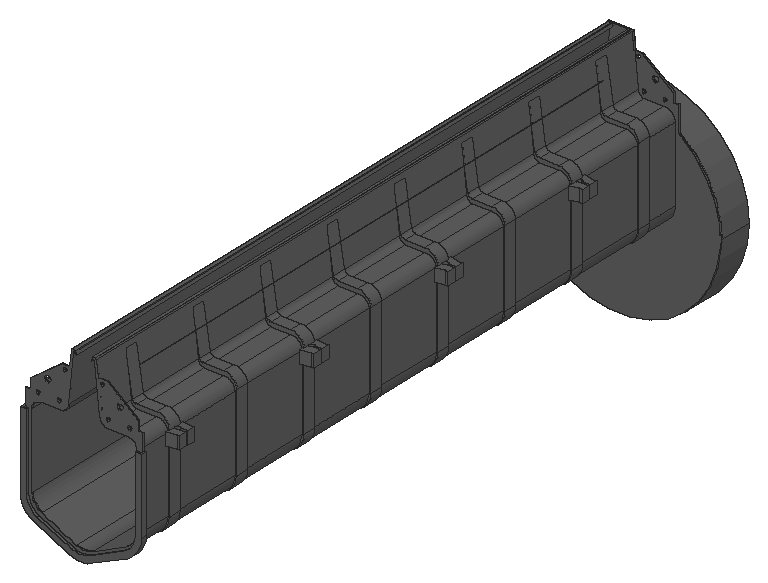
Revit family "Drain_Slotted_Hi-Cap_Zurn-Z888-18", category Plumbing Fixtures, Revit 2022
Family settings
  Round Connector Dimension = Use Radius
  Part Type = Normal
  OmniClass Number = 23.70.50.21.24.14
  OmniClass Title = Deck Waste Water Drains
  Work Plane-Based = No
  Always vertical = Yes
  Cut with Voids When Loaded = No
  Maintain Annotation Orientation = No
  Shared = No
  Room Calculation Point = No
Parameters (values of type "Z888-18 with 24 Inch No-Hub End Outlet(Custom Built)")
  Vent Connection = 1 = 0  # no
  Product Installation Sheet URL = "https://files.zurn.com/care-cleaning-install-warranty-sheets/ft534-(1).pdf"
  Outlet Height = if(Nominal Diameter = 8.000", 17.750", if(Nominal Diameter = 12.000", 15.250", if(Nominal Diameter = 18.000", 15.750", if(Nominal Diameter = 24.000", 18.750", Nominal Diameter))))  # 18.750"
  HW Connection = 1 = 0  # no
  End Plate - 8" & 12" Outlet = no
  End Plate - 18"& 24" Outlet = yes
  End Outlet R for 18' & 24" = if(Nominal Diameter = 18.000", 18.000", if(Nominal Diameter = 24.000", 24.000", 18.000"))  # 24.000"
  CW Connection = 1 = 0  # no
  Waste Connection = 1 = 1  # yes
  WFU = 1  # constant formula
  URL = "www.zurn.com"
  Type Comments = ""
  Product data url = "https://www.bimobject.com/en-us/zurnindustries/product/z888-18"
  Product Page URL = "https://www.zurn.com/products/drainage-interceptors/trench-drain-systems/linear-trench-drain/general-purpose-drainage-exterior/z888-18"
  Product Documentation Link = "https://files.zurn.com/spec-sheets/z888-18.pdf"
  Pipe Size 'A' (Outer Diameter) = 24.000"
  Pipe Size 'A' (Nominal Radius) = Nominal Diameter / 2  # 12.000"
  Nominal Diameter = 24.000"
  Pipe Size 'A' (Inner Radius) = [Pipe Size 'A' (Inner Diameter)] / 2  # 11.315"
  Pipe Size 'A' (Outer Radius) = [Pipe Size 'A' (Outer Diameter)] / 2  # 12.000"
  Pipe Size 'A' (Inner Diameter) = 22.630"
  Modified Date = "02/20/2026"  # constant formula
  Model = "Z888-18"
  Manufacurer Brand = "Zurn"  # constant formula
  Manufacturer = "Zurn Water, LLC"  # constant formula
  Main Material = Polymer - Zurn - LDPE - Black
  HWFU = 0  # constant formula
  Description = "HI-CAP SLOTTED DRAINAGE SYSTEM FOR 18 [457] CORRUGATED PIPE OR EQUIVALENT"  # constant formula
  Default Elevation = 10.000"
  Date Created = "01/17/2023"  # constant formula
  CWFU = 0  # constant formula
  Assembly Code = "D2030300"
Types (4): name | Outlet Height | End Plate - 8" & 12" Outlet | End Plate - 18"& 24" Outlet | End Outlet R for 18' & 24" | Pipe Size 'A' (Outer Diameter) | Pipe Size 'A' (Nominal Radius) | Nominal Diameter | Pipe Size 'A' (Inner Radius) | Pipe Size 'A' (Outer Radius) | Pipe Size 'A' (Inner Diameter)
  Z888-18 with 8 Inch No-Hub End Outlet | 17.750" | yes | no | 18.000" | 8.625" | 4.000" | 8.000" | 3.9905" | 4.3125" | 7.981"
  Z888-18 with 12 Inch No-Hub End Outlet | 15.250" | yes | no | 18.000" | 12.750" | 6.000" | 12.000" | 6.000" | 6.375" | 12.000"
  Z888-18 with 18 Inch No-Hub End Outlet | 15.750" | no | yes | 18.000" | 18.000" | 9.000" | 18.000" | 8.440" | 9.000" | 16.880"
  Z888-18 with 24 Inch No-Hub End Outlet(Custom Built) | 18.750" | no | yes | 24.000" | 24.000" | 12.000" | 24.000" | 11.315" | 12.000" | 22.630"
Reference planes (in)
  plane 1 "Center (Front/Back)": y = 0
  plane 2: z = 0
  plane 3 "Center (Left/Right)": x = 0
  plane 4: x = -6.25
  plane 5: x = 6.25
  plane 6: z = -21
  plane 7: x = 1.5
  plane 8: x = -1.5
  plane 9: x = 0.875
  plane 10: x = -0.875
  plane 11: z = -7
  plane 12: y = 40
  plane 13: y = -40
  plane 14: y = -39.875
  plane 15: y = 39.875
  plane 16: y = -35
  plane 17: y = -34.25
  plane 18: y = -35.75
  plane 19: y = -25
  plane 20: y = -24.25
  plane 21: y = -25.75
  plane 22: y = -15
  plane 23: y = -14.25
  plane 24: y = -15.75
  plane 25: y = -5
  plane 26: y = -4.25
  plane 27: y = -5.75
  plane 28: y = 5
  plane 29: y = 5.75
  plane 30: y = 4.25
  plane 31: y = 15
  plane 32: y = 15.75
  plane 33: y = 14.25
  plane 34: y = 25
  plane 35: y = 25.75
  plane 36: y = 24.25
  plane 37: y = 35
  plane 38: y = 35.75
  plane 39: y = 34.25
  plane 40: z = -7.625
  plane 41: z = -9.125
  plane 42: z = -9.927
  plane 43: y = -40.5
  plane 44: y = 44
  plane 45: z = -18.75
  plane 46: x = -12
  plane 47: x = 12
  plane 48: z = -6.75
  plane 49: z = -30.75
  plane 50: y = 40.125
Forms (in)
  Extrusion 1, solid, material "Polymer - Zurn - LDPE - Black" <- "Main Material", detail levels fine
    sketch origin (0, 0, 0) x (1, 0, 0) y (0, 0, 1)
      loop
        arc (-2.87293, -7) -> (-2.2038, -6.74314) -> (-1.87841, -6.10453) r 1
        line (-1.87841, -6.10453) -> (-1.27484, -0.36193)
        arc (-1.27484, -0.36193) -> (-1.23416, -0.28211) -> (-1.15052, -0.25) r 0.125
        line (-1.15052, -0.25) -> (-1.0835, -0.25)
        arc (-1.0835, -0.25) -> (-1.0153, -0.26987) -> (-0.96843, -0.32325) r 0.127
        line (-0.96843, -0.32325) -> (-0.93092, -0.40355) -> (-0.875, -0.40355) -> (-0.98297, -0.00061) -> (-1.37568, -0.00061)
        arc (-1.37568, -0.00061) -> (-1.45933, -0.03271) -> (-1.5, -0.11254) r 0.125
        line (-1.5, -0.11254) -> (-2.12704, -6.0784)
        arc (-2.12704, -6.0784) -> (-2.37108, -6.55736) -> (-2.87293, -6.75) r 0.75
        line (-2.87293, -6.75) -> (-5.25, -6.75)
        arc (-5.25, -6.75) -> (-6.13388, -7.11612) -> (-6.5, -8) r 1.25
        line (-6.5, -8) -> (-6.5, -16.99062)
        arc (-6.5, -16.99062) -> (-6.15397, -18.18953) -> (-5.22232, -19.01968) r 2.25
        line (-5.22232, -19.01968) -> (-1.08036, -21.00451)
        arc (-1.08036, -21.00451) -> (0, -21.25) -> (1.08036, -21.00451) r 2.5
        line (1.08036, -21.00451) -> (5.22232, -19.01968)
        arc (5.22232, -19.01968) -> (6.15397, -18.18953) -> (6.5, -16.99062) r 2.25
        line (6.5, -16.99062) -> (6.5, -8)
        arc (6.5, -8) -> (6.13388, -7.11612) -> (5.25, -6.75) r 1.25
        line (5.25, -6.75) -> (2.87293, -6.75)
        arc (2.87293, -6.75) -> (2.37108, -6.55736) -> (2.12704, -6.0784) r 0.75
        line (2.12704, -6.0784) -> (1.5, -0.11254)
        arc (1.5, -0.11254) -> (1.45933, -0.03271) -> (1.37568, -0.00061) r 0.125
        line (1.37568, -0.00061) -> (0.98297, -0.00061) -> (0.875, -0.40355) -> (0.93092, -0.40355) -> (0.96843, -0.32325)
        arc (0.96843, -0.32325) -> (1.0153, -0.26987) -> (1.0835, -0.25) r 0.127
        line (1.0835, -0.25) -> (1.15052, -0.25)
        arc (1.15052, -0.25) -> (1.23416, -0.28211) -> (1.27484, -0.36193) r 0.125
        line (1.27484, -0.36193) -> (1.87841, -6.10453)
        arc (1.87841, -6.10453) -> (2.2038, -6.74314) -> (2.87293, -7) r 1
        line (2.87293, -7) -> (5.25, -7)
        arc (5.25, -7) -> (5.95711, -7.29289) -> (6.25, -8) r 1
        line (6.25, -8) -> (6.25, -16.99062)
        arc (6.25, -16.99062) -> (5.94242, -18.05632) -> (5.11429, -18.79423) r 2
        line (5.11429, -18.79423) -> (0.97232, -20.77906)
        arc (0.97232, -20.77906) -> (0, -21) -> (-0.97232, -20.77906) r 2.25
        line (-0.97232, -20.77906) -> (-5.11429, -18.79423)
        arc (-5.11429, -18.79423) -> (-5.94242, -18.05632) -> (-6.25, -16.99062) r 2
        line (-6.25, -16.99062) -> (-6.25, -8)
        arc (-6.25, -8) -> (-5.95711, -7.29289) -> (-5.25, -7) r 1
        line (-5.25, -7) -> (-2.87293, -7)
    from -40 to 40
  Extrusion 2, solid, material "Polymer - Zurn - LDPE - Black" <- "Main Material", detail levels fine
    sketch origin (0, 0, 0) x (1, 0, 0) y (0, 1, 0)
      loop
        line (6.75317, 26.25) -> (6.75317, 23.75) -> (7.81337, 23.9375) -> (8.25, 23.9375) -> (8.25, 24.875) -> (7.37695, 24.875)
        arc (7.37695, 24.875) -> (6.84375, 25) -> (7.37695, 25.125) r 0.28125
        line (7.37695, 25.125) -> (8.25, 25.125) -> (8.25, 26.0625) -> (7.81337, 26.0625) -> (6.75317, 26.25)
      loop
        line (-6.75317, 26.25) -> (-7.81337, 26.0625) -> (-8.25, 26.0625) -> (-8.25, 25.125) -> (-7.37695, 25.125)
        arc (-7.37695, 25.125) -> (-6.84375, 25) -> (-7.37695, 24.875) r 0.28125
        line (-7.37695, 24.875) -> (-8.25, 24.875) -> (-8.25, 23.9375) -> (-7.81337, 23.9375) -> (-6.75317, 23.75) -> (-6.75317, 26.25)
      loop
        line (6.75317, 6.25) -> (6.75317, 3.75) -> (7.81337, 3.9375) -> (8.25, 3.9375) -> (8.25, 4.875) -> (7.37695, 4.875)
        arc (7.37695, 4.875) -> (6.84375, 5) -> (7.37695, 5.125) r 0.28125
        line (7.37695, 5.125) -> (8.25, 5.125) -> (8.25, 6.0625) -> (7.81337, 6.0625) -> (6.75317, 6.25)
      loop
        line (-6.75317, 6.25) -> (-7.81337, 6.0625) -> (-8.25, 6.0625) -> (-8.25, 5.125) -> (-7.37695, 5.125)
        arc (-7.37695, 5.125) -> (-6.84375, 5) -> (-7.37695, 4.875) r 0.28125
        line (-7.37695, 4.875) -> (-8.25, 4.875) -> (-8.25, 3.9375) -> (-7.81337, 3.9375) -> (-6.75317, 3.75) -> (-6.75317, 6.25)
      loop
        line (6.75317, -13.75) -> (6.75317, -16.25) -> (7.81337, -16.0625) -> (8.25, -16.0625) -> (8.25, -15.125) -> (7.37695, -15.125)
        arc (7.37695, -15.125) -> (6.84375, -15) -> (7.37695, -14.875) r 0.28125
        line (7.37695, -14.875) -> (8.25, -14.875) -> (8.25, -13.9375) -> (7.81337, -13.9375) -> (6.75317, -13.75)
      loop
        line (-6.75317, -13.75) -> (-7.81337, -13.9375) -> (-8.25, -13.9375) -> (-8.25, -14.875) -> (-7.37695, -14.875)
        arc (-7.37695, -14.875) -> (-6.84375, -15) -> (-7.37695, -15.125) r 0.28125
        line (-7.37695, -15.125) -> (-8.25, -15.125) -> (-8.25, -16.0625) -> (-7.81337, -16.0625) -> (-6.75317, -16.25) -> (-6.75317, -13.75)
      loop
        line (6.75317, -33.75) -> (6.75317, -36.25) -> (7.81337, -36.0625) -> (8.25, -36.0625) -> (8.25, -35.125) -> (7.37695, -35.125)
        arc (7.37695, -35.125) -> (6.84375, -35) -> (7.37695, -34.875) r 0.28125
        line (7.37695, -34.875) -> (8.25, -34.875) -> (8.25, -33.9375) -> (7.81337, -33.9375) -> (6.75317, -33.75)
      loop
        line (-6.75317, -33.75) -> (-7.81337, -33.9375) -> (-8.25, -33.9375) -> (-8.25, -34.875) -> (-7.37695, -34.875)
        arc (-7.37695, -34.875) -> (-6.84375, -35) -> (-7.37695, -35.125) r 0.28125
        line (-7.37695, -35.125) -> (-8.25, -35.125) -> (-8.25, -36.0625) -> (-7.81337, -36.0625) -> (-6.75317, -36.25) -> (-6.75317, -33.75)
    from -9.125 to -7.625
  Extrusion 3, solid, material "Polymer - Zurn - LDPE - Black" <- "Main Material", detail levels fine
    sketch origin (0, 0, 0) x (1, 0, 0) y (0, 0, 1)
      loop
        circle (0, -18.75) r 11.315
      loop
        circle (0, -18.75) r 12
    from -44 to -40
  Extrusion 4, solid, material "Polymer - Zurn - LDPE - Black" <- "Main Material", detail levels fine
    sketch origin (0, 0, 0) x (1, 0, 0) y (0, 0, 1)
      loop
        line (-1.447, -2) -> (-2.63, -2) -> (-6.44, -4.88) -> (-6.44, -6) -> (-7, -6) -> (-7, -16.99062)
        arc (-7, -16.99062) -> (-6.57708, -18.45596) -> (-5.4384, -19.47059) r 2.75
        line (-5.4384, -19.47059) -> (-1.29643, -21.45541)
        arc (-1.29643, -21.45541) -> (0, -21.75) -> (1.29643, -21.45541) r 3
        line (1.29643, -21.45541) -> (5.4384, -19.47059)
        arc (5.4384, -19.47059) -> (6.57708, -18.45596) -> (7, -16.99062) r 2.75
        line (7, -16.99062) -> (7, -6) -> (6.44, -6) -> (6.44, -4.88) -> (2.63, -2) -> (1.447, -2) -> (1.87841, -6.10453)
        arc (1.87841, -6.10453) -> (2.2038, -6.74314) -> (2.87293, -7) r 1
        line (2.87293, -7) -> (5.25, -7)
        arc (5.25, -7) -> (5.95711, -7.29289) -> (6.25, -8) r 1
        line (6.25, -8) -> (6.25, -16.99062)
        arc (6.25, -16.99062) -> (5.94242, -18.05632) -> (5.11429, -18.79423) r 2
        line (5.11429, -18.79423) -> (0.97232, -20.77906)
        arc (0.97232, -20.77906) -> (0, -21) -> (-0.97232, -20.77906) r 2.25
        line (-0.97232, -20.77906) -> (-5.11429, -18.79423)
        arc (-5.11429, -18.79423) -> (-5.94242, -18.05632) -> (-6.25, -16.99062) r 2
        line (-6.25, -16.99062) -> (-6.25, -8)
        arc (-6.25, -8) -> (-5.95711, -7.29289) -> (-5.25, -7) r 1
        line (-5.25, -7) -> (-2.87293, -7)
        arc (-2.87293, -7) -> (-2.2038, -6.74314) -> (-1.87841, -6.10453) r 1
        line (-1.87841, -6.10453) -> (-1.447, -2)
      loop
        circle (2.25, -2.5) r 0.25
      loop
        circle (2.9375, -6) r 0.25
      loop
        circle (5.46875, -6) r 0.25
      loop
        circle (4.3125, -4.1875) r 0.375
      loop
        circle (-2.25, -2.5) r 0.25
      loop
        circle (-2.9375, -6) r 0.25
      loop
        circle (-5.46875, -6) r 0.25
      loop
        circle (-4.3125, -4.1875) r 0.375
    from 39.875 to 40
  Extrusion 5, solid, material "Polymer - Zurn - LDPE - Black" <- "Main Material", detail levels fine
    sketch origin (0, 0, 0) x (1, 0, 0) y (0, 0, 1)
      loop
        arc (2.12704, -6.0784) -> (2.37108, -6.55736) -> (2.87293, -6.75) r 0.75
        line (2.87293, -6.75) -> (5.25, -6.75)
        arc (5.25, -6.75) -> (6.13388, -7.11612) -> (6.5, -8) r 1.25
        line (6.5, -8) -> (6.5, -16.99062)
        arc (6.5, -16.99062) -> (6.15397, -18.18953) -> (5.22232, -19.01968) r 2.25
        arc (5.22232, -19.01968) -> (6.32538, -18.26055) -> (6.75, -16.99062) r 2.11134
        line (6.75, -16.99062) -> (6.75, -7.75)
        arc (6.75, -7.75) -> (6.31066, -6.68934) -> (5.25, -6.25) r 1.5
        line (5.25, -6.25) -> (2.87293, -6.25)
        arc (2.87293, -6.25) -> (2.54838, -6.13035) -> (2.37916, -5.82867) r 0.5
        line (2.37916, -5.82867) -> (1.56126, -0.69537) -> (2.12704, -6.0784)
      loop
        line (-2.12704, -6.0784) -> (-1.56126, -0.69537) -> (-2.37916, -5.82867)
        arc (-2.37916, -5.82867) -> (-2.54838, -6.13035) -> (-2.87293, -6.25) r 0.5
        line (-2.87293, -6.25) -> (-5.25, -6.25)
        arc (-5.25, -6.25) -> (-6.31066, -6.68934) -> (-6.75, -7.75) r 1.5
        line (-6.75, -7.75) -> (-6.75, -16.99062)
        arc (-6.75, -16.99062) -> (-6.32538, -18.26055) -> (-5.22232, -19.01968) r 2.11134
        arc (-5.22232, -19.01968) -> (-6.15397, -18.18953) -> (-6.5, -16.99062) r 2.25
        line (-6.5, -16.99062) -> (-6.5, -8)
        arc (-6.5, -8) -> (-6.13388, -7.11612) -> (-5.25, -6.75) r 1.25
        line (-5.25, -6.75) -> (-2.87293, -6.75)
        arc (-2.87293, -6.75) -> (-2.37108, -6.55736) -> (-2.12704, -6.0784) r 0.75
    from -35.75 to -34.25
  Sweep 6, solid, material "Polymer - Zurn - LDPE - Black" <- "Main Material", detail levels fine
    path origin (0, 0, 0) x (1, 0, 0) y (0, 0, 1)
      loop
        line (-7, -8) -> (-7, -16.99062)
        arc (-7, -16.99062) -> (-6.57708, -18.45596) -> (-5.4384, -19.47059) r 2.75
        line (-5.4384, -19.47059) -> (-1.29643, -21.45541)
        arc (-1.29643, -21.45541) -> (0, -21.75) -> (1.29643, -21.45541) r 3
        line (1.29643, -21.45541) -> (5.4384, -19.47059)
        arc (5.4384, -19.47059) -> (6.57708, -18.45596) -> (7, -16.99062) r 2.75
        line (7, -16.99062) -> (7, -8)
    profile origin (7, 0, -12.49531) x (-1, 0, 0) y (0, -1, 0)
      loop
        line (-0.25, 39.875) -> (0, 39.875) -> (0, 40.25) -> (0.5, 40.25) -> (0.5, 40.5) -> (-0.25, 40.5) -> (-0.25, 39.875)
  Extrusion 7, solid, material "Polymer - Zurn - LDPE - Black" <- "Main Material", visible <- "End Plate - 8" & 12" Outlet", detail levels fine
    sketch origin (0, 0, 0) x (1, 0, 0) y (0, 0, 1)
      loop
        line (-1.69838, -2) -> (-2.63, -2) -> (-6.44, -4.88) -> (-6.44, -6) -> (-7, -6) -> (-7, -16.99062)
        arc (-7, -16.99062) -> (-6.57708, -18.45596) -> (-5.4384, -19.47059) r 2.75
        line (-5.4384, -19.47059) -> (-1.29643, -21.45541)
        arc (-1.29643, -21.45541) -> (0, -21.75) -> (1.29643, -21.45541) r 3
        line (1.29643, -21.45541) -> (5.4384, -19.47059)
        arc (5.4384, -19.47059) -> (6.57708, -18.45596) -> (7, -16.99062) r 2.75
        line (7, -16.99062) -> (7, -6) -> (6.44, -6) -> (6.44, -4.88) -> (2.63, -2) -> (1.69838, -2) -> (1.48817, 0) -> (-1.48817, 0) -> (-1.69838, -2)
      loop
        circle (-2.25, -2.5) r 0.25
      loop
        circle (-4.3125, -4.1875) r 0.375
      loop
        circle (-2.9375, -6) r 0.25
      loop
        circle (-5.46875, -6) r 0.25
      loop
        circle (2.9375, -6) r 0.25
      loop
        circle (2.25, -2.5) r 0.25
      loop
        circle (4.3125, -4.1875) r 0.375
      loop
        circle (5.46875, -6) r 0.25
    from -40 to -39.875
  Extrusion 8, solid, material "Polymer - Zurn - LDPE - Black" <- "Main Material", visible <- "End Plate - 18"& 24" Outlet", detail levels fine
    sketch origin (0, 0, 0) x (1, 0, 0) y (0, 0, 1)
      loop
        line (1.48817, 0) -> (-1.48817, 0) -> (-1.69838, -2) -> (-2.63, -2) -> (-6.44, -4.88) -> (-6.44, -6) -> (-7, -6) -> (-7, -9.00321)
        arc (-7, -9.00321) -> (0, -30.75) -> (7, -9.00321) r 12
        line (7, -9.00321) -> (7, -6) -> (6.44, -6) -> (6.44, -4.88) -> (2.63, -2) -> (1.69838, -2) -> (1.48817, 0)
      loop
        circle (-2.25, -2.5) r 0.25
      loop
        circle (-4.3125, -4.1875) r 0.375
      loop
        circle (-5.46875, -6) r 0.25
      loop
        circle (-2.9375, -6) r 0.25
      loop
        circle (2.25, -2.5) r 0.25
      loop
        circle (4.3125, -4.1875) r 0.375
      loop
        circle (2.9375, -6) r 0.25
      loop
        circle (5.46875, -6) r 0.25
    from -39.875 to -40
  Extrusion 9, solid, material "Polymer - Zurn - LDPE - Black" <- "Main Material", detail levels fine
    sketch origin (0, 0, 0) x (1, 0, 0) y (0, 0, 1)
      loop
        line (-2.12704, -6.0784) -> (-1.56126, -0.69537) -> (-2.37916, -5.82867)
        arc (-2.37916, -5.82867) -> (-2.54838, -6.13035) -> (-2.87293, -6.25) r 0.5
        line (-2.87293, -6.25) -> (-5.25, -6.25)
        arc (-5.25, -6.25) -> (-6.31066, -6.68934) -> (-6.75, -7.75) r 1.5
        line (-6.75, -7.75) -> (-6.75, -16.99062)
        arc (-6.75, -16.99062) -> (-6.32538, -18.26055) -> (-5.22232, -19.01968) r 2.11134
        arc (-5.22232, -19.01968) -> (-6.15397, -18.18953) -> (-6.5, -16.99062) r 2.25
        line (-6.5, -16.99062) -> (-6.5, -8)
        arc (-6.5, -8) -> (-6.13388, -7.11612) -> (-5.25, -6.75) r 1.25
        line (-5.25, -6.75) -> (-2.87293, -6.75)
        arc (-2.87293, -6.75) -> (-2.37108, -6.55736) -> (-2.12704, -6.0784) r 0.75
      loop
        line (1.56126, -0.69537) -> (2.12704, -6.0784)
        arc (2.12704, -6.0784) -> (2.37108, -6.55736) -> (2.87293, -6.75) r 0.75
        line (2.87293, -6.75) -> (5.25, -6.75)
        arc (5.25, -6.75) -> (6.13388, -7.11612) -> (6.5, -8) r 1.25
        line (6.5, -8) -> (6.5, -16.99062)
        arc (6.5, -16.99062) -> (6.15397, -18.18953) -> (5.22232, -19.01968) r 2.25
        arc (5.22232, -19.01968) -> (6.32538, -18.26055) -> (6.75, -16.99062) r 2.11134
        line (6.75, -16.99062) -> (6.75, -7.75)
        arc (6.75, -7.75) -> (6.31066, -6.68934) -> (5.25, -6.25) r 1.5
        line (5.25, -6.25) -> (2.87293, -6.25)
        arc (2.87293, -6.25) -> (2.54838, -6.13035) -> (2.37916, -5.82867) r 0.5
        line (2.37916, -5.82867) -> (1.56126, -0.69537)
    from -25.75 to -24.25
  Extrusion 10, solid, material "Polymer - Zurn - LDPE - Black" <- "Main Material", detail levels fine
    sketch origin (0, 0, 0) x (1, 0, 0) y (0, 0, 1)
      loop
        line (-2.12704, -6.0784) -> (-1.56126, -0.69537) -> (-2.37916, -5.82867)
        arc (-2.37916, -5.82867) -> (-2.54838, -6.13035) -> (-2.87293, -6.25) r 0.5
        line (-2.87293, -6.25) -> (-5.25, -6.25)
        arc (-5.25, -6.25) -> (-6.31066, -6.68934) -> (-6.75, -7.75) r 1.5
        line (-6.75, -7.75) -> (-6.75, -16.99062)
        arc (-6.75, -16.99062) -> (-6.32538, -18.26055) -> (-5.22232, -19.01968) r 2.11134
        arc (-5.22232, -19.01968) -> (-6.15397, -18.18953) -> (-6.5, -16.99062) r 2.25
        line (-6.5, -16.99062) -> (-6.5, -8)
        arc (-6.5, -8) -> (-6.13388, -7.11612) -> (-5.25, -6.75) r 1.25
        line (-5.25, -6.75) -> (-2.87293, -6.75)
        arc (-2.87293, -6.75) -> (-2.37108, -6.55736) -> (-2.12704, -6.0784) r 0.75
      loop
        arc (2.12704, -6.0784) -> (2.37108, -6.55736) -> (2.87293, -6.75) r 0.75
        line (2.87293, -6.75) -> (5.25, -6.75)
        arc (5.25, -6.75) -> (6.13388, -7.11612) -> (6.5, -8) r 1.25
        line (6.5, -8) -> (6.5, -16.99062)
        arc (6.5, -16.99062) -> (6.15397, -18.18953) -> (5.22232, -19.01968) r 2.25
        arc (5.22232, -19.01968) -> (6.32538, -18.26055) -> (6.75, -16.99062) r 2.11134
        line (6.75, -16.99062) -> (6.75, -7.75)
        arc (6.75, -7.75) -> (6.31066, -6.68934) -> (5.25, -6.25) r 1.5
        line (5.25, -6.25) -> (2.87293, -6.25)
        arc (2.87293, -6.25) -> (2.54838, -6.13035) -> (2.37916, -5.82867) r 0.5
        line (2.37916, -5.82867) -> (1.56126, -0.69537) -> (2.12704, -6.0784)
    from -15.75 to -14.25
  Extrusion 11, solid, material "Polymer - Zurn - LDPE - Black" <- "Main Material", detail levels fine
    sketch origin (0, 0, 0) x (1, 0, 0) y (0, 0, 1)
      loop
        line (-2.12704, -6.0784) -> (-1.56126, -0.69537) -> (-2.37916, -5.82867)
        arc (-2.37916, -5.82867) -> (-2.54838, -6.13035) -> (-2.87293, -6.25) r 0.5
        line (-2.87293, -6.25) -> (-5.25, -6.25)
        arc (-5.25, -6.25) -> (-6.31066, -6.68934) -> (-6.75, -7.75) r 1.5
        line (-6.75, -7.75) -> (-6.75, -16.99062)
        arc (-6.75, -16.99062) -> (-6.32538, -18.26055) -> (-5.22232, -19.01968) r 2.11134
        arc (-5.22232, -19.01968) -> (-6.15397, -18.18953) -> (-6.5, -16.99062) r 2.25
        line (-6.5, -16.99062) -> (-6.5, -8)
        arc (-6.5, -8) -> (-6.13388, -7.11612) -> (-5.25, -6.75) r 1.25
        line (-5.25, -6.75) -> (-2.87293, -6.75)
        arc (-2.87293, -6.75) -> (-2.37108, -6.55736) -> (-2.12704, -6.0784) r 0.75
      loop
        line (1.56126, -0.69537) -> (2.12704, -6.0784)
        arc (2.12704, -6.0784) -> (2.37108, -6.55736) -> (2.87293, -6.75) r 0.75
        line (2.87293, -6.75) -> (5.25, -6.75)
        arc (5.25, -6.75) -> (6.13388, -7.11612) -> (6.5, -8) r 1.25
        line (6.5, -8) -> (6.5, -16.99062)
        arc (6.5, -16.99062) -> (6.15397, -18.18953) -> (5.22232, -19.01968) r 2.25
        arc (5.22232, -19.01968) -> (6.32538, -18.26055) -> (6.75, -16.99062) r 2.11134
        line (6.75, -16.99062) -> (6.75, -7.75)
        arc (6.75, -7.75) -> (6.31066, -6.68934) -> (5.25, -6.25) r 1.5
        line (5.25, -6.25) -> (2.87293, -6.25)
        arc (2.87293, -6.25) -> (2.54838, -6.13035) -> (2.37916, -5.82867) r 0.5
        line (2.37916, -5.82867) -> (1.56126, -0.69537)
    from -5.75 to -4.25
  Extrusion 12, solid, material "Polymer - Zurn - LDPE - Black" <- "Main Material", detail levels fine
    sketch origin (0, 0, 0) x (1, 0, 0) y (0, 0, 1)
      loop
        line (5.25, -6.25) -> (2.87293, -6.25)
        arc (2.87293, -6.25) -> (2.54838, -6.13035) -> (2.37916, -5.82867) r 0.5
        line (2.37916, -5.82867) -> (1.56126, -0.69537) -> (2.12704, -6.0784)
        arc (2.12704, -6.0784) -> (2.37108, -6.55736) -> (2.87293, -6.75) r 0.75
        line (2.87293, -6.75) -> (5.25, -6.75)
        arc (5.25, -6.75) -> (6.13388, -7.11612) -> (6.5, -8) r 1.25
        line (6.5, -8) -> (6.5, -16.99062)
        arc (6.5, -16.99062) -> (6.15397, -18.18953) -> (5.22232, -19.01968) r 2.25
        arc (5.22232, -19.01968) -> (6.32538, -18.26055) -> (6.75, -16.99062) r 2.11134
        line (6.75, -16.99062) -> (6.75, -7.75)
        arc (6.75, -7.75) -> (6.31066, -6.68934) -> (5.25, -6.25) r 1.5
      loop
        arc (-2.87293, -6.75) -> (-2.37108, -6.55736) -> (-2.12704, -6.0784) r 0.75
        line (-2.12704, -6.0784) -> (-1.56126, -0.69537) -> (-2.37916, -5.82867)
        arc (-2.37916, -5.82867) -> (-2.54838, -6.13035) -> (-2.87293, -6.25) r 0.5
        line (-2.87293, -6.25) -> (-5.25, -6.25)
        arc (-5.25, -6.25) -> (-6.31066, -6.68934) -> (-6.75, -7.75) r 1.5
        line (-6.75, -7.75) -> (-6.75, -16.99062)
        arc (-6.75, -16.99062) -> (-6.32538, -18.26055) -> (-5.22232, -19.01968) r 2.11134
        arc (-5.22232, -19.01968) -> (-6.15397, -18.18953) -> (-6.5, -16.99062) r 2.25
        line (-6.5, -16.99062) -> (-6.5, -8)
        arc (-6.5, -8) -> (-6.13388, -7.11612) -> (-5.25, -6.75) r 1.25
        line (-5.25, -6.75) -> (-2.87293, -6.75)
    from 34.25 to 35.75
  Extrusion 13, solid, material "Polymer - Zurn - LDPE - Black" <- "Main Material", detail levels fine
    sketch origin (0, 0, 0) x (1, 0, 0) y (0, 0, 1)
      loop
        line (-5.25, -6.75) -> (-2.87293, -6.75)
        arc (-2.87293, -6.75) -> (-2.37108, -6.55736) -> (-2.12704, -6.0784) r 0.75
        line (-2.12704, -6.0784) -> (-1.56126, -0.69537) -> (-2.37916, -5.82867)
        arc (-2.37916, -5.82867) -> (-2.54838, -6.13035) -> (-2.87293, -6.25) r 0.5
        line (-2.87293, -6.25) -> (-5.25, -6.25)
        arc (-5.25, -6.25) -> (-6.31066, -6.68934) -> (-6.75, -7.75) r 1.5
        line (-6.75, -7.75) -> (-6.75, -16.99062)
        arc (-6.75, -16.99062) -> (-6.32538, -18.26055) -> (-5.22232, -19.01968) r 2.11134
        arc (-5.22232, -19.01968) -> (-6.15397, -18.18953) -> (-6.5, -16.99062) r 2.25
        line (-6.5, -16.99062) -> (-6.5, -8)
        arc (-6.5, -8) -> (-6.13388, -7.11612) -> (-5.25, -6.75) r 1.25
      loop
        line (2.87293, -6.75) -> (5.25, -6.75)
        arc (5.25, -6.75) -> (6.13388, -7.11612) -> (6.5, -8) r 1.25
        line (6.5, -8) -> (6.5, -16.99062)
        arc (6.5, -16.99062) -> (6.15397, -18.18953) -> (5.22232, -19.01968) r 2.25
        arc (5.22232, -19.01968) -> (6.32538, -18.26055) -> (6.75, -16.99062) r 2.11134
        line (6.75, -16.99062) -> (6.75, -7.75)
        arc (6.75, -7.75) -> (6.31066, -6.68934) -> (5.25, -6.25) r 1.5
        line (5.25, -6.25) -> (2.87293, -6.25)
        arc (2.87293, -6.25) -> (2.54838, -6.13035) -> (2.37916, -5.82867) r 0.5
        line (2.37916, -5.82867) -> (1.56126, -0.69537) -> (2.12704, -6.0784)
        arc (2.12704, -6.0784) -> (2.37108, -6.55736) -> (2.87293, -6.75) r 0.75
    from 24.25 to 25.75
  Extrusion 14, solid, material "Polymer - Zurn - LDPE - Black" <- "Main Material", detail levels fine
    sketch origin (0, 0, 0) x (1, 0, 0) y (0, 0, 1)
      loop
        line (2.87293, -6.75) -> (5.25, -6.75)
        arc (5.25, -6.75) -> (6.13388, -7.11612) -> (6.5, -8) r 1.25
        line (6.5, -8) -> (6.5, -16.99062)
        arc (6.5, -16.99062) -> (6.15397, -18.18953) -> (5.22232, -19.01968) r 2.25
        arc (5.22232, -19.01968) -> (6.32538, -18.26055) -> (6.75, -16.99062) r 2.11134
        line (6.75, -16.99062) -> (6.75, -7.75)
        arc (6.75, -7.75) -> (6.31066, -6.68934) -> (5.25, -6.25) r 1.5
        line (5.25, -6.25) -> (2.87293, -6.25)
        arc (2.87293, -6.25) -> (2.54838, -6.13035) -> (2.37916, -5.82867) r 0.5
        line (2.37916, -5.82867) -> (1.56126, -0.69537) -> (2.12704, -6.0784)
        arc (2.12704, -6.0784) -> (2.37108, -6.55736) -> (2.87293, -6.75) r 0.75
      loop
        line (-2.87293, -6.25) -> (-5.25, -6.25)
        arc (-5.25, -6.25) -> (-6.31066, -6.68934) -> (-6.75, -7.75) r 1.5
        line (-6.75, -7.75) -> (-6.75, -16.99062)
        arc (-6.75, -16.99062) -> (-6.32538, -18.26055) -> (-5.22232, -19.01968) r 2.11134
        arc (-5.22232, -19.01968) -> (-6.15397, -18.18953) -> (-6.5, -16.99062) r 2.25
        line (-6.5, -16.99062) -> (-6.5, -8)
        arc (-6.5, -8) -> (-6.13388, -7.11612) -> (-5.25, -6.75) r 1.25
        line (-5.25, -6.75) -> (-2.87293, -6.75)
        arc (-2.87293, -6.75) -> (-2.37108, -6.55736) -> (-2.12704, -6.0784) r 0.75
        line (-2.12704, -6.0784) -> (-1.56126, -0.69537) -> (-2.37916, -5.82867)
        arc (-2.37916, -5.82867) -> (-2.54838, -6.13035) -> (-2.87293, -6.25) r 0.5
    from 14.25 to 15.75
  Extrusion 15, solid, material "Polymer - Zurn - LDPE - Black" <- "Main Material", detail levels fine
    sketch origin (0, 0, 0) x (1, 0, 0) y (0, 0, 1)
      loop
        line (5.25, -6.25) -> (2.87293, -6.25)
        arc (2.87293, -6.25) -> (2.54838, -6.13035) -> (2.37916, -5.82867) r 0.5
        line (2.37916, -5.82867) -> (1.56126, -0.69537) -> (2.12704, -6.0784)
        arc (2.12704, -6.0784) -> (2.37108, -6.55736) -> (2.87293, -6.75) r 0.75
        line (2.87293, -6.75) -> (5.25, -6.75)
        arc (5.25, -6.75) -> (6.13388, -7.11612) -> (6.5, -8) r 1.25
        line (6.5, -8) -> (6.5, -16.99062)
        arc (6.5, -16.99062) -> (6.15397, -18.18953) -> (5.22232, -19.01968) r 2.25
        arc (5.22232, -19.01968) -> (6.32538, -18.26055) -> (6.75, -16.99062) r 2.11134
        line (6.75, -16.99062) -> (6.75, -7.75)
        arc (6.75, -7.75) -> (6.31066, -6.68934) -> (5.25, -6.25) r 1.5
      loop
        line (-2.87293, -6.25) -> (-5.25, -6.25)
        arc (-5.25, -6.25) -> (-6.31066, -6.68934) -> (-6.75, -7.75) r 1.5
        line (-6.75, -7.75) -> (-6.75, -16.99062)
        arc (-6.75, -16.99062) -> (-6.32538, -18.26055) -> (-5.22232, -19.01968) r 2.11134
        arc (-5.22232, -19.01968) -> (-6.15397, -18.18953) -> (-6.5, -16.99062) r 2.25
        line (-6.5, -16.99062) -> (-6.5, -8)
        arc (-6.5, -8) -> (-6.13388, -7.11612) -> (-5.25, -6.75) r 1.25
        line (-5.25, -6.75) -> (-2.87293, -6.75)
        arc (-2.87293, -6.75) -> (-2.37108, -6.55736) -> (-2.12704, -6.0784) r 0.75
        line (-2.12704, -6.0784) -> (-1.56126, -0.69537) -> (-2.37916, -5.82867)
        arc (-2.37916, -5.82867) -> (-2.54838, -6.13035) -> (-2.87293, -6.25) r 0.5
    from 4.25 to 5.75
Cuts and joins
  joined: Extrusion 1, Extrusion 4, Sweep 6, Extrusion 11, Extrusion 12, Extrusion 13, Extrusion 14, Extrusion 15
  joined: Extrusion 5, Extrusion 9, Extrusion 10
Lines and regions (in)
  Masking region 1, detail levels fine
    outline origin (0, 0, 0) x (1, 0, 0) y (0, 1, 0)
      loop
        line (-6.75317, 39.875) -> (-6.75317, 26.25) -> (-7.81337, 26.0625) -> (-8.25, 26.0625) -> (-8.25, 23.9375) -> (-7.81337, 23.9375) -> (-6.75317, 23.75) -> (-6.75317, 6.25) -> (-7.81337, 6.0625) -> (-8.25, 6.0625) -> (-8.25, 3.9375) -> (-7.81337, 3.9375) -> (-6.75317, 3.75) -> (-6.75317, -13.75) -> (-7.81337, -13.9375) -> (-8.25, -13.9375) -> (-8.25, -16.0625) -> (-7.81337, -16.0625) -> (-6.75317, -16.25) -> (-6.75317, -33.75) -> (-7.81337, -33.9375) -> (-8.25, -33.9375) -> (-8.25, -36.0625) -> (-7.81337, -36.0625) -> (-6.75317, -36.25) -> (-6.75317, -39.875) -> (-7.225, -39.875) -> (-7.225, -40.5) -> (7.225, -40.5) -> (7.225, -39.875) -> (6.75317, -39.875) -> (6.75317, -36.25) -> (7.81337, -36.0625) -> (8.25, -36.0625) -> (8.25, -33.9375) -> (7.81337, -33.9375) -> (6.75317, -33.75) -> (6.75317, -16.25) -> (7.81337, -16.0625) -> (8.25, -16.0625) -> (8.25, -13.9375) -> (7.81337, -13.9375) -> (6.75317, -13.75) -> (6.75317, 3.75) -> (7.81337, 3.9375) -> (8.25, 3.9375) -> (8.25, 6.0625) -> (7.81337, 6.0625) -> (6.75317, 6.25) -> (6.75317, 23.75) -> (7.81337, 23.9375) -> (8.25, 23.9375) -> (8.25, 26.0625) -> (6.56653, 26.0625) -> (6.75317, 26.25) -> (6.75317, 39.875) -> (12, 39.875) -> (12, 44) -> (-12, 44) -> (-12, 39.875) -> (-6.75317, 39.875)
  model lines, detail levels coarse+medium
    curve 1: line (0, 44, -6.75) -> (0, 44, -30.75)
    curve 2: line (-12, 44, -18.75) -> (12, 44, -18.75)
    curve 3: line (0, -40, 0) -> (0, -40, -21)
    curve 4: line (0, -40, -21) -> (0, 40, -21)
    curve 5: line (0, 40, -21) -> (0, 40, 0)
    curve 6: line (0, 40, -18.75) -> (0, 44, -18.75)
    curve 7: line (-0.875, 40, 0) -> (0.875, 40, 0)
    curve 8: line (-0.875, -40, 0) -> (-0.875, 40, 0)
    curve 9: line (0.875, -40, 0) -> (-0.875, -40, 0)
    curve 10: line (0.875, 40, 0) -> (0.875, -40, 0)
Dimensions and locks (in)
  equal spacing: plane 7, plane 3 "Center (Left/Right)", plane 8, locked at 1.5 each
  locked: plane 7 to plane 8 at 3
  equal spacing: plane 5, plane 3 "Center (Left/Right)", plane 4
  locked: plane 5 to plane 4 at 12.5
  locked: level to plane 6 at 21
  equal spacing: plane 9, plane 3 "Center (Left/Right)", plane 10, locked at 0.875 each
  locked: plane 9 to plane 10 at 1.75
  locked: Extrusion 1 sketch curve to plane 6 at 2.25
  locked: Extrusion 1 sketch curve to plane 4 at 2
  locked: Extrusion 1 sketch curve to plane 6 at 4.00938  (x2)
  locked: plane 11 to Extrusion 1 sketch curve at 1  (x2)
  locked: plane 5 to Extrusion 1 sketch curve at 1
  locked: Extrusion 1 sketch curve to plane 4 at 1
  locked: level to Extrusion 1 sketch curve at 0.25
  equal spacing: plane 13, plane 1 "Center (Front/Back)", plane 12, locked at 40 each
  locked: plane 13 to plane 12 at 80
  locked: Extrusion 1 sketch curve to Extrusion 1 sketch curve at 0.15355  (x2)
  equal spacing: plane 17, plane 16, plane 18, locked at 0.75 each
  locked: plane 17 to plane 18 at 1.5
  equal spacing: plane 20, plane 19, plane 21, locked at 0.75 each
  locked: plane 20 to plane 21 at 1.5
  equal spacing: plane 23, plane 22, plane 24, locked at 0.75 each
  locked: plane 23 to plane 24 at 1.5
  equal spacing: plane 26, plane 25, plane 27, locked at 0.75 each
  locked: plane 26 to plane 27 at 1.5
  equal spacing: plane 29, plane 28, plane 30, locked at 0.75 each
  locked: plane 29 to plane 30 at 1.5
  equal spacing: plane 32, plane 31, plane 33, locked at 0.75 each
  locked: plane 32 to plane 33 at 1.5
  equal spacing: plane 35, plane 34, plane 36, locked at 0.75 each
  locked: plane 35 to plane 36 at 1.5
  equal spacing: plane 38, plane 37, plane 39, locked at 0.75 each
  locked: plane 38 to plane 39 at 1.5
  plane 13 to plane 16 to plane 19 to plane 22 to plane 25 to plane 28 to plane 31 to plane 34 to plane 37 to plane 12 = 5.000", 10.000", 10.000", 10.000", 10.000", 10.000", 10.000", 10.000", 5.000"
  level to plane 40 to plane 41 = 7.625" locked, 1.500" locked
  plane 3 "Center (Left/Right)" to Extrusion 2 sketch curve = 7.125"
  Extrusion 2 sketch curve to plane 34 to Extrusion 2 sketch curve = 0.125", 0.125"
  locked: plane 3 "Center (Left/Right)" to Extrusion 2 sketch curve at 8.25
  locked: Extrusion 2 sketch curve to Extrusion 2 sketch curve at 2.5  (x8)
  Extrusion 2 sketch curve to Extrusion 2 sketch curve to Extrusion 2 sketch curve = 1.0602" locked, 0.43663" locked  (x8)
  locked: Extrusion 2 sketch curve to Extrusion 2 sketch curve at 2.125  (x8)
  locked: Extrusion 2 sketch curve to Extrusion 2 sketch curve at 0.37183  (x8)
  equal spacing: Extrusion 2 sketch curve, plane 34, Extrusion 2 sketch curve  (x2)
  Extrusion 2 sketch curve to Extrusion 2 sketch curve = 2.500"  (x2)
  Extrusion 2 sketch curve to Extrusion 2 sketch curve = 2.125"  (x2)
  locked: Extrusion 2 sketch curve to plane 3 "Center (Left/Right)" at 7.125
  locked: Extrusion 2 sketch curve to plane 3 "Center (Left/Right)" at 8.25
  Extrusion 2 sketch curve to plane 3 "Center (Left/Right)" to Extrusion 2 sketch curve = 7.125" locked, 7.125" locked
  locked: level to plane 42 at 9.927
  locked: plane 15 to plane 12 at 0.125
  locked: plane 13 to plane 14 at 0.125
  locked: plane 43 to plane 13 at 0.5
  locked: plane 12 to plane 44 at 4
  "Outlet Height": level to plane 45
  equal spacing: Masking region 1 sketch curve, plane 3 "Center (Left/Right)", Masking region 1 sketch curve
  "Pipe Size 'A' (Outer Diameter)": Masking region 1 sketch curve to Masking region 1 sketch curve
  "Pipe Size 'A' (Nominal Radius)": plane 48 to plane 45 to plane 49
  "Pipe Size 'A' (Nominal Radius)": plane 47 to plane 3 "Center (Left/Right)" to plane 46
  locked: plane 12 to plane 50 at 0.125
  locked: Extrusion 1 sketch curve to Extrusion 1 sketch curve at 2
  locked: level to plane 11 at 7
  locked: Extrusion 1 sketch curve to Extrusion 1 sketch curve at 0.25  (x6)
  locked: Extrusion 1 sketch curve to plane 4 at 3.37707
  locked: plane 5 to Extrusion 1 sketch curve at 3.37707
  locked: Extrusion 1 sketch curve to Extrusion 1 sketch curve at 0.75  (x2)
  Extrusion 1 sketch curve to plane 3 "Center (Left/Right)" to Extrusion 1 sketch curve = 0.98297" locked, 0.98297" locked
  locked: level to Extrusion 4 sketch curve at 2
  Extrusion 4 sketch curve to plane 3 "Center (Left/Right)" to Extrusion 4 sketch curve = 6.440" locked, 6.440" locked
  locked: level to Extrusion 4 sketch curve at 6
  locked: plane 4 to Extrusion 4 sketch curve at 0.75
  locked: Extrusion 4 sketch curve to plane 5 at 0.75
  locked: Extrusion 1 to Extrusion 4 sketch curve at 0.75  (x2)
  locked: Extrusion 4 sketch curve to plane 6 at 4.00938  (x2)
  locked: Extrusion 4 sketch curve to Extrusion 4 sketch curve at 2.75  (x2)
  locked: Extrusion 4 sketch curve to plane 6 at 2.25
  Extrusion 4 sketch curve to plane 3 "Center (Left/Right)" to Extrusion 4 sketch curve = 2.630" locked, 2.630" locked
  locked: Extrusion 4 sketch curve to plane 3 "Center (Left/Right)" at 2.25  (x2)
  level to Extrusion 4 sketch curve = 2.500"  (x2)
  locked: Extrusion 4 sketch curve to plane 3 "Center (Left/Right)" at 2.9375  (x2)
  locked: Extrusion 4 sketch curve to plane 3 "Center (Left/Right)" at 5.46875  (x2)
  locked: level to Extrusion 4 sketch curve at 4.1875  (x2)
  locked: Extrusion 4 sketch curve to plane 3 "Center (Left/Right)" at 4.3125  (x2)
  locked: Extrusion 5 sketch curve to Extrusion 1 at 0.25
  locked: Extrusion 5 sketch curve to Extrusion 1 at 0.5
  Extrusion 5 sketch curve to plane 3 "Center (Left/Right)" to Extrusion 5 sketch curve = 2.87293" locked, 2.87293" locked
  locked: level to Extrusion 5 sketch curve at 5.75  (x2)
  Extrusion 5 sketch curve to plane 3 "Center (Left/Right)" to Extrusion 5 sketch curve = 4.63866" locked, 4.63866" locked
  locked: Extrusion 5 sketch curve to plane 6 at 4.00938  (x2)
  locked: level to Sweep 6 sketch curve at 8  (x2)
  locked: Sweep 6 sketch curve to Sweep 6 sketch curve at 0.75
  locked: plane 3 "Center (Left/Right)" to Sweep 6 sketch curve at 7.25
  locked: Sweep 6 sketch curve to Sweep 6 sketch curve at 0.25  (x2)
  Extrusion 11 sketch curve to Extrusion 11 sketch curve = 0.000"
  Extrusion 14 sketch curve to Extrusion 14 sketch curve = 0.000"
  radius of Extrusion 1 sketch curve = 2.000"  (x2)
  radius of Extrusion 1 sketch curve = 1.000"  (x3)
  radius of Extrusion 1 sketch curve = 0.750"  (x2)
  radius of Extrusion 2 sketch curve = 0.28125"  (x2)
  "Pipe Size 'A' (Inner Radius)": radius of Extrusion 3 sketch curve
  "Pipe Size 'A' (Outer Radius)": radius of Extrusion 3 sketch curve
  radius of Extrusion 4 sketch curve = 3.000"
  "End Outlet R for 18' & 24"": diameter of Extrusion 8 sketch curve
  radius of Extrusion 4 sketch curve = 0.250"  (x6)
  radius of Extrusion 4 sketch curve = 0.375"  (x2)
  locked: plane 3 "Center (Left/Right)" to Extrusion 1 sketch curve (angle 15.00°)
  angle Extrusion 1 sketch curve to plane 3 "Center (Left/Right)" to Extrusion 1 sketch curve = 6.00° locked, 6.00° locked
  locked: Extrusion 1 to Extrusion 1 (angle 115.604°)  (x2)
  aligned and locked: plane 2 to level
  aligned and locked: plane 3 "Center (Left/Right)" to Extrusion 1 sketch curve
  aligned and locked: plane 11 to Extrusion 1 sketch curve
  aligned and locked: Extrusion 1 to plane 12
  aligned and locked: plane 13 to Extrusion 1
  aligned and locked: plane 10 to Extrusion 1 sketch curve
  aligned and locked: plane 8 to Extrusion 1 sketch curve
  aligned and locked: plane 40 to Extrusion 2
  aligned and locked: Extrusion 2 to plane 41
  aligned and locked: Extrusion 2 sketch curve to Extrusion 2 sketch curve  (x9)
  aligned and locked: plane 34 to Extrusion 2 sketch curve  (x2)
  aligned and locked: plane 16 to Extrusion 2 sketch curve  (x2)
  aligned and locked: plane 22 to Extrusion 2 sketch curve  (x2)
  aligned and locked: plane 28 to Extrusion 2 sketch curve  (x2)
  aligned and locked: plane 3 "Center (Left/Right)" to Extrusion 3 sketch curve  (x2)
  aligned and locked: plane 45 to Extrusion 3 sketch curve  (x2)
  aligned and locked: plane 12 to Extrusion 3
  aligned and locked: Extrusion 3 to plane 44
  aligned and locked: Masking region 1 sketch curve to plane 43
  aligned and locked: Masking region 1 sketch curve to Masking region 1 sketch curve  (x3)
  aligned and locked: plane 44 to Masking region 1 sketch curve
  aligned and locked: plane 48 to curve 1
  aligned and locked: plane 49 to curve 1
  aligned and locked: curve 1 to plane 3 "Center (Left/Right)"
  aligned and locked: plane 47 to curve 2
  aligned and locked: plane 46 to curve 2
  aligned and locked: curve 2 to plane 45
  aligned and locked: level to curve 5
  aligned and locked: level to curve 3
  aligned and locked: plane 13 to curve 3
  aligned and locked: curve 5 to plane 12
  aligned and locked: plane 6 to curve 5
  aligned and locked: plane 13 to curve 4
  aligned and locked: curve 4 to plane 6
  aligned and locked: plane 12 to curve 6
  aligned and locked: plane 44 to curve 6
  aligned and locked: curve 6 to plane 45
  aligned and locked: curve 9 to plane 13
  aligned and locked: plane 13 to curve 8
  aligned and locked: plane 12 to curve 7
  aligned and locked: plane 9 to curve 10
  aligned and locked: plane 10 to curve 8
  aligned and locked: plane 12 to curve 10
  aligned and locked: plane 9 to curve 9
  aligned and locked: plane 10 to curve 9
  aligned and locked: Masking region 1 sketch curve to Extrusion 2  (x40)
  aligned and locked: Extrusion 2 to Masking region 1 sketch curve  (x6)
  aligned and locked: plane 14 to Masking region 1 sketch curve  (x2)
  aligned and locked: Extrusion 1 sketch curve to Extrusion 1 sketch curve
  aligned and locked: Extrusion 4 sketch curve to Extrusion 1  (x8)
  aligned and locked: Extrusion 1 to Extrusion 4 sketch curve
  aligned and locked: Extrusion 4 sketch curve to Extrusion 4 sketch curve  (x5)
  aligned and locked: Extrusion 4 to Extrusion 1
  aligned and locked: Extrusion 4 to plane 14
  aligned and locked: Extrusion 5 sketch curve to Extrusion 1  (x7)
  aligned and locked: Extrusion 5 sketch curve to Extrusion 5 sketch curve
  aligned and locked: plane 38 to Extrusion 5
  aligned and locked: Extrusion 5 to plane 39
  aligned and locked: Sweep 6 sketch curve to Extrusion 4  (x3)
  aligned and locked: Extrusion 4 to Sweep 6 sketch curve
  aligned and locked: plane 14 to Sweep 6 sketch curve
  aligned and locked: Sweep 6 sketch curve to plane 43
  aligned and locked: Extrusion 4 to Extrusion 7 sketch curve
  aligned and locked: Extrusion 7 sketch curve to Extrusion 4  (x27)
  aligned and locked: Extrusion 7 sketch curve to Extrusion 1
  aligned and locked: Extrusion 1 to Extrusion 7 sketch curve
  aligned and locked: Extrusion 7 sketch curve to level
  aligned and locked: plane 15 to Extrusion 7
  aligned and locked: Extrusion 7 to Extrusion 1
  aligned and locked: Extrusion 8 sketch curve to Extrusion 7  (x28)
  aligned and locked: plane 3 "Center (Left/Right)" to Extrusion 8 sketch curve
  aligned and locked: Extrusion 8 to Extrusion 1
  aligned and locked: plane 15 to Extrusion 8
  aligned and locked: Extrusion 9 sketch curve to Extrusion 5  (x14)
  aligned and locked: plane 35 to Extrusion 9
  aligned and locked: Extrusion 9 to plane 36
  aligned and locked: Extrusion 10 sketch curve to Extrusion 9  (x14)
  aligned and locked: plane 32 to Extrusion 10
  aligned and locked: Extrusion 10 to plane 33
  aligned and locked: Extrusion 11 sketch curve to Extrusion 5  (x14)
  aligned and locked: plane 29 to Extrusion 11
  aligned and locked: Extrusion 11 to plane 30
  aligned and locked: Extrusion 12 sketch curve to Extrusion 11  (x14)
  aligned and locked: Extrusion 12 to plane 18
  aligned and locked: plane 17 to Extrusion 12
  aligned and locked: Extrusion 13 sketch curve to Extrusion 12  (x14)
  aligned and locked: Extrusion 13 to plane 21
  aligned and locked: plane 20 to Extrusion 13
  aligned and locked: Extrusion 14 sketch curve to Extrusion 12  (x14)
  aligned and locked: Extrusion 14 to plane 24
  aligned and locked: plane 23 to Extrusion 14
  aligned and locked: Extrusion 15 sketch curve to Extrusion 12  (x14)
  aligned and locked: Extrusion 15 to plane 27
  aligned and locked: plane 26 to Extrusion 15
  aligned and locked: Extrusion 8 to Masking region 1
  aligned and locked: plane 45 to Extrusion 8 sketch curve
Automatic sketch dimensions
  Extrusion 1 sketch curve to Extrusion 1 sketch curve = 0.000"  (x7)
  Extrusion 1 sketch curve to plane 9 = 0.000"
  Extrusion 1 sketch curve to plane 7 = 0.000"
  Extrusion 1 sketch curve to Extrusion 1 sketch curve = 0.10804"  (x2)
  Extrusion 1 sketch curve to plane 8 = 0.62704"
  Extrusion 1 sketch curve to Extrusion 1 sketch curve = 0.24863"  (x2)
  plane 8 to Extrusion 1 sketch curve = 0.12432"
  Extrusion 1 sketch curve to Extrusion 1 sketch curve = 0.12432"  (x2)
  Extrusion 1 sketch curve to Extrusion 1 sketch curve = 0.06702"  (x2)
  Extrusion 1 sketch curve to plane 6 = 0.00451"  (x2)
  Extrusion 1 sketch curve to plane 10 = 0.20536"
  Extrusion 1 sketch curve to plane 10 = 0.09343"
  Extrusion 1 sketch curve to plane 10 = 0.05592"
  plane 9 to Extrusion 1 sketch curve = 0.05592"
  Extrusion 1 sketch curve to Extrusion 1 sketch curve = 0.03751"
  Extrusion 1 sketch curve to level = 0.00061"
  Extrusion 1 sketch curve to Extrusion 1 sketch curve = 0.11506"
  Extrusion 1 sketch curve to plane 7 = 0.12432"
  plane 7 to Extrusion 1 sketch curve = 0.37841"
  Extrusion 1 sketch curve to Extrusion 1 sketch curve = 0.002"  (x2)
  Extrusion 2 sketch curve to Extrusion 2 sketch curve = 0.000"
  Extrusion 2 sketch curve to plane 18 = 0.3125"  (x2)
  Extrusion 2 sketch curve to Extrusion 2 sketch curve = 0.43663"  (x8)
  Extrusion 2 sketch curve to plane 30 = 0.3125"  (x2)
  Extrusion 2 sketch curve to plane 24 = 0.3125"  (x2)
  plane 28 to Extrusion 2 sketch curve = 0.125"  (x2)
  Extrusion 2 sketch curve to Extrusion 2 sketch curve = 0.25195"  (x6)
  plane 16 to Extrusion 2 sketch curve = 0.125"  (x2)
  Extrusion 2 sketch curve to plane 28 = 0.125"  (x2)
  Extrusion 2 sketch curve to plane 16 = 0.125"  (x2)
  plane 34 to Extrusion 2 sketch curve = 0.125"
  Extrusion 2 sketch curve to plane 34 = 0.125"
  Extrusion 2 sketch curve to plane 22 = 0.125"  (x2)
  plane 22 to Extrusion 2 sketch curve = 0.125"  (x2)
  plane 5 to Extrusion 2 sketch curve = 0.50317"
  Extrusion 2 sketch curve to plane 18 = 0.500"  (x2)
  Extrusion 2 sketch curve to plane 24 = 0.500"  (x2)
  Extrusion 2 sketch curve to plane 30 = 0.500"  (x2)
  Extrusion 2 sketch curve to plane 36 = 0.500"
  Extrusion 2 sketch curve to plane 36 = 0.3125"
  plane 4 to Extrusion 1 sketch curve = 1.02768"
  plane 7 to Extrusion 5 sketch curve = 0.06126"
  Extrusion 5 sketch curve to plane 8 = 0.06126"
  Extrusion 5 sketch curve to plane 40 = 0.125"  (x2)
  Extrusion 5 sketch curve to Extrusion 5 sketch curve = 0.1716"
  Extrusion 5 sketch curve to plane 4 = 0.500"
  Extrusion 7 sketch curve to Extrusion 7 sketch curve = 0.000"  (x16)
  Extrusion 8 sketch curve to Extrusion 8 sketch curve = 0.560"
  Extrusion 8 sketch curve to Extrusion 8 sketch curve = 0.000"  (x16)
  Extrusion 9 sketch curve to Extrusion 9 sketch curve = 0.25212"
  plane 7 to Extrusion 9 sketch curve = 0.06126"
  Extrusion 10 sketch curve to Extrusion 10 sketch curve = 0.25212"  (x2)
  plane 7 to Extrusion 10 sketch curve = 0.06126"
  Extrusion 10 sketch curve to Extrusion 10 sketch curve = 0.250"
  Extrusion 11 sketch curve to plane 8 = 0.06126"
  plane 7 to Extrusion 11 sketch curve = 0.06126"
  Extrusion 12 sketch curve to Extrusion 12 sketch curve = 0.25212"  (x2)
  plane 7 to Extrusion 12 sketch curve = 0.06126"
  Extrusion 12 sketch curve to Extrusion 12 sketch curve = 0.49377"
  Extrusion 12 sketch curve to plane 8 = 0.06126"
  Extrusion 13 sketch curve to Extrusion 13 sketch curve = 0.49377"
  Extrusion 13 sketch curve to Extrusion 13 sketch curve = 0.25212"  (x2)
  Extrusion 13 sketch curve to plane 8 = 0.06126"
  plane 7 to Extrusion 13 sketch curve = 0.62704"
  Extrusion 14 sketch curve to Extrusion 14 sketch curve = 0.25212"
  plane 7 to Extrusion 14 sketch curve = 0.06126"
  Extrusion 14 sketch curve to plane 8 = 0.06126"
  Extrusion 14 sketch curve to Extrusion 14 sketch curve = 0.250"
  Extrusion 14 sketch curve to Extrusion 14 sketch curve = 0.000"
  plane 7 to Extrusion 15 sketch curve = 0.06126"
  Extrusion 15 sketch curve to plane 8 = 0.06126"
  Extrusion 4 sketch curve to plane 10 = 0.09732"
  plane 9 to Extrusion 4 sketch curve = 0.09732"
  Extrusion 4 sketch curve to Extrusion 4 sketch curve = 0.000"  (x2)
  Extrusion 4 sketch curve to Extrusion 4 sketch curve = 1.120"  (x2)
  plane 48 to Extrusion 4 sketch curve = 0.750"
  plane 14 to Masking region 1 sketch curve = 0.000"
  plane 15 to Masking region 1 sketch curve = 0.000"
  Masking region 1 sketch curve to plane 4 = 0.975"
  Masking region 1 sketch curve to Masking region 1 sketch curve = 0.47183"  (x2)
  Masking region 1 sketch curve to Masking region 1 sketch curve = 0.18663"
  Masking region 1 sketch curve to Masking region 1 sketch curve = 0.1875"
  Masking region 1 sketch curve to Masking region 1 sketch curve = 0.000"
Connectors (in)
  piping at (0, 44, -18.75), diameter 24, driven by "Pipe Size 'A' (Nominal Radius)", driven by "Waste Connection", driven by "Waste Connection"
    settings: on Extrusion 3, index 1, connector inside diameter 24", connector length 0.000", flow factor 0, pipe flow 0 GPM, pressure drop 0.00 psi, fitting loss kfactor 0, connector angle 0.00°, fixture units 0, engagement length 0.000", angle of deflection 0.00°, flow configuration 0, flow direction 2, fitting loss method 0, system type 16, joint type 0, gender type 0, connector reference index -1, connector utility 1, adjustable connector yes, is connector primary yes, connector description "Sanitary Outlet"
